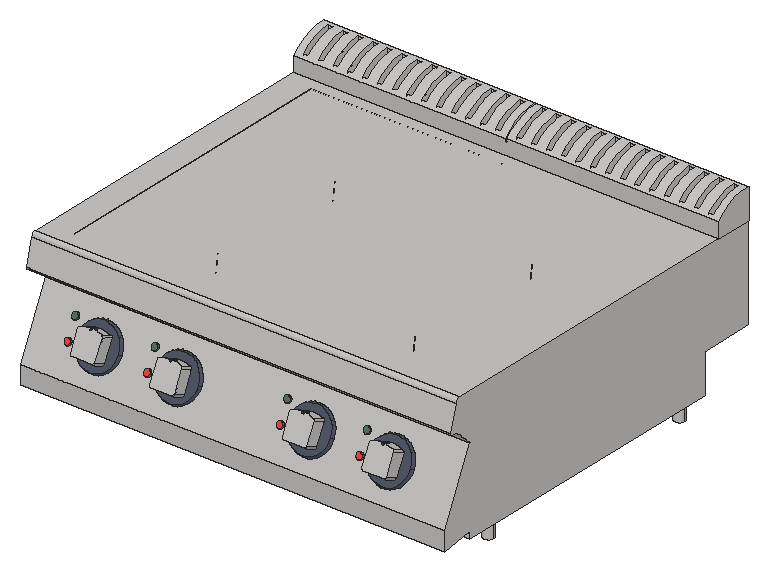
Revit family "QF_ZANUSSI_372176_Z7INEH400P", category Specialty Equipment, Revit 2018 (continued)
Automatic sketch dimensions
  plane 11 to Extrusion 3 sketch curve = 0 mm  (x2)
  plane 12 to Extrusion 3 sketch curve = 0 mm  (x2)
  plane 3 "LEFT" to Extrusion 3 sketch curve = 11.112 mm  (x2)
  Extrusion 3 sketch curve to plane 4 "RIGHT" = 11.113 mm  (x2)
  plane 9 "BASE" to Extrusion 4 sketch curve = 33.906 mm
  Extrusion 4 sketch curve to plane 4 "RIGHT" = 63.5 mm
  plane 5 "FRONT" to Extrusion 5 sketch curve = 0 mm  (x2)
  plane 1 "BACK" to Extrusion 5 sketch curve = 0 mm
  Extrusion 5 sketch curve to plane 3 "LEFT" = 0 mm
  Extrusion 5 sketch curve to plane 4 "RIGHT" = 0 mm
  Extrusion 5 sketch curve to plane 3 "LEFT" = 150.019 mm
  plane 4 "RIGHT" to Extrusion 5 sketch curve = 150.019 mm
  Extrusion 5 sketch curve to plane 1 "BACK" = 150.019 mm
  curve 132 to plane 4 "RIGHT" = 0 mm
  plane 1 "BACK" to curve 4 = 0 mm
  curve 4 to plane 3 "LEFT" = 0 mm
  curve 7 to plane 3 "LEFT" = 0 mm
  plane 5 "FRONT" to curve 6 = 0 mm
  plane 4 "RIGHT" to curve 3 = 150.019 mm
  curve 132 to plane 7 "Center Y" = 1.422 mm
  curve 2 to plane 3 "LEFT" = 150.019 mm
  curve 2 to plane 1 "BACK" = 150.019 mm
  plane 1 "BACK" to curve 132 = 69.85 mm
  curve 7 to curve 9 = 0 mm
  curve 9 to curve 7 = 166.853 mm
  curve 8 to plane 12 = 26.988 mm
  plane 5 "FRONT" to curve 1 = 1.377 mm
  plane 5 "FRONT" to curve 3 = 1.377 mm
  curve 15 to Extrusion 2 = 0 mm  (x3)
  curve 14 to Extrusion 2 = 0 mm
  curve 12 to Extrusion 2 = 11.994 mm
  curve 12 to curve 11 = 11.495 mm
  curve 11 to Extrusion 2 = 263.642 mm
  curve 10 to curve 12 = 32.256 mm
  plane 1 "BACK" to curve 130 = 0 mm
  plane 1 "BACK" to curve 131 = 0 mm
  curve 74 to plane 4 "RIGHT" = 13.453 mm
  curve 74 to curve 77 = 9.296 mm
  curve 76 to curve 82 = 18.547 mm
  curve 82 to curve 83 = 9.296 mm
  curve 84 to curve 89 = 18.547 mm
  curve 86 to curve 88 = 9.296 mm
  curve 88 to curve 93 = 18.547 mm
  curve 90 to curve 91 = 9.296 mm
  curve 92 to curve 94 = 18.547 mm
  curve 94 to curve 95 = 9.296 mm
  curve 96 to curve 101 = 18.547 mm
  curve 98 to curve 100 = 9.296 mm
  plane 1 "BACK" to curve 102 = 6.761 mm
  curve 99 to curve 102 = 18.547 mm
  curve 102 to curve 105 = 9.296 mm
  plane 1 "BACK" to curve 106 = 6.761 mm
  curve 103 to curve 106 = 18.547 mm
  curve 106 to curve 107 = 9.296 mm
  curve 108 to curve 110 = 18.547 mm
  curve 110 to curve 111 = 9.296 mm
  curve 112 to curve 114 = 18.547 mm
  curve 114 to curve 115 = 9.296 mm
  curve 116 to curve 121 = 18.547 mm
  curve 118 to curve 119 = 9.296 mm
  curve 120 to curve 122 = 18.547 mm
  curve 122 to curve 123 = 9.296 mm
  curve 124 to curve 129 = 18.547 mm
  curve 126 to curve 128 = 9.296 mm
  plane 1 "BACK" to curve 79 = 6.761 mm
  curve 127 to curve 79 = 18.547 mm
  curve 78 to curve 80 = 9.296 mm
  curve 24 to plane 7 "Center Y" = 15.301 mm
  curve 23 to curve 23 = 9.296 mm
  curve 22 to curve 72 = 18.547 mm
  curve 71 to curve 71 = 9.296 mm
  plane 1 "BACK" to curve 68 = 6.761 mm
  curve 70 to curve 68 = 18.547 mm
  curve 68 to curve 66 = 9.296 mm
  curve 66 to curve 65 = 18.547 mm
  curve 64 to curve 65 = 9.296 mm
  plane 1 "BACK" to curve 60 = 6.761 mm
  curve 62 to curve 60 = 18.547 mm
  curve 60 to curve 58 = 9.296 mm
  curve 58 to curve 57 = 18.547 mm
  curve 56 to curve 57 = 9.296 mm
  plane 1 "BACK" to curve 52 = 6.761 mm
  curve 54 to curve 52 = 18.547 mm
  curve 52 to curve 53 = 9.296 mm
  curve 50 to curve 49 = 18.547 mm
  curve 47 to curve 46 = 9.296 mm
  plane 1 "BACK" to curve 44 = 6.761 mm
  curve 46 to curve 44 = 18.547 mm
  curve 43 to curve 43 = 9.296 mm
  curve 42 to curve 41 = 18.547 mm
  curve 40 to curve 38 = 9.296 mm
  curve 38 to curve 37 = 18.547 mm
  curve 35 to curve 34 = 9.296 mm
  plane 1 "BACK" to curve 32 = 6.761 mm
  curve 34 to curve 32 = 18.547 mm
  curve 32 to curve 33 = 9.296 mm
  curve 30 to curve 28 = 18.547 mm
  curve 27 to curve 26 = 9.296 mm
  plane 1 "BACK" to curve 19 = 6.761 mm
  curve 26 to curve 19 = 18.547 mm
  curve 19 to curve 19 = 9.296 mm
  plane 1 "BACK" to curve 128 = 6.761 mm
  plane 1 "BACK" to curve 22 = 6.761 mm
  plane 1 "BACK" to curve 124 = 6.761 mm
  plane 1 "BACK" to curve 26 = 6.761 mm
  plane 1 "BACK" to curve 120 = 6.761 mm
  plane 1 "BACK" to curve 116 = 6.761 mm
  plane 1 "BACK" to curve 34 = 6.761 mm
  plane 1 "BACK" to curve 112 = 6.761 mm
  plane 1 "BACK" to curve 38 = 6.761 mm
  plane 1 "BACK" to curve 46 = 6.761 mm
  plane 1 "BACK" to curve 100 = 6.761 mm
  plane 1 "BACK" to curve 96 = 6.761 mm
  plane 1 "BACK" to curve 54 = 6.761 mm
  plane 1 "BACK" to curve 92 = 6.761 mm
  plane 1 "BACK" to curve 88 = 6.761 mm
  plane 1 "BACK" to curve 62 = 6.761 mm
  plane 1 "BACK" to curve 84 = 6.761 mm
  plane 1 "BACK" to curve 70 = 6.761 mm
  plane 1 "BACK" to curve 76 = 6.761 mm
  curve 18 to curve 18 = 57.15 mm
  curve 70 to curve 73 = 57.15 mm
  curve 75 to curve 76 = 57.15 mm
  curve 78 to curve 78 = 57.15 mm
  curve 69 to curve 70 = 0 mm
  curve 82 to curve 76 = 0 mm
  curve 65 to curve 66 = 0 mm
  curve 86 to curve 84 = 0 mm
  curve 61 to curve 62 = 0 mm
  curve 90 to curve 88 = 0 mm
  curve 57 to curve 58 = 0 mm
  curve 94 to curve 92 = 0 mm
  curve 53 to curve 54 = 0 mm
  curve 98 to curve 96 = 0 mm
  curve 49 to curve 50 = 0 mm
  curve 102 to curve 100 = 0 mm
  curve 45 to curve 46 = 0 mm
  curve 106 to curve 104 = 0 mm
  curve 41 to curve 42 = 0 mm
  curve 110 to curve 108 = 0 mm
  curve 37 to curve 38 = 0 mm
  curve 114 to curve 112 = 0 mm
  curve 33 to curve 34 = 0 mm
  curve 118 to curve 116 = 0 mm
  curve 20 to curve 29 = 0 mm
  curve 122 to curve 120 = 0 mm
  curve 72 to curve 25 = 0 mm
  curve 126 to curve 124 = 0 mm
  plane 7 "Center Y" to curve 130 = 1.637 mm
  curve 131 to plane 7 "Center Y" = 1.537 mm
  curve 24 to curve 131 = 5.939 mm
  curve 131 to curve 130 = 0 mm
  Extrusion 6 sketch curve to plane 10 "TOP A" = 0 mm
  Extrusion 6 sketch curve to plane 1 "BACK" = 0 mm
  Extrusion 6 sketch curve to plane 6 "TOP" = 0 mm
  plane 1 "BACK" to Extrusion 6 sketch curve = 1.769 mm
  plane 10 "TOP A" to Extrusion 6 sketch curve = 28.4 mm
  plane 1 "BACK" to Extrusion 6 sketch curve = 69.85 mm
  Blend 26 sketch curve to plane 4 "RIGHT" = 125 mm  (x2)
  Extrusion 27 sketch curve to plane 4 "RIGHT" = 148 mm
  Extrusion 27 sketch curve to Extrusion 27 sketch curve = 2.997 mm  (x3)
  Extrusion 27 sketch curve to Extrusion 27 sketch curve = 20.003 mm  (x2)
  Extrusion 27 sketch curve to Extrusion 27 sketch curve = 40.005 mm
  Extrusion 27 sketch curve to Extrusion 27 sketch curve = 5.399 mm
  Extrusion 27 sketch curve to Extrusion 27 sketch curve = 40.037 mm
  Extrusion 27 sketch curve to Extrusion 27 sketch curve = 0 mm  (x2)
  Extrusion 28 sketch curve to plane 4 "RIGHT" = 142.5 mm
  Extrusion 28 sketch curve to Extrusion 28 sketch curve = 35 mm  (x2)
  Split face 54 sketch curve to Split face 54 sketch curve = 6 mm
  Split face 54 sketch curve to Split face 54 sketch curve = 10 mm
  Split face 55 sketch curve to Split face 55 sketch curve = 5 mm
  Split face 55 sketch curve to Split face 55 sketch curve = 9 mm
  Split face 56 sketch curve to Split face 56 sketch curve = 5 mm
  Split face 57 sketch curve to Split face 57 sketch curve = 5 mm
  Extrusion 31 sketch curve to plane 4 "RIGHT" = 180.001 mm
  Extrusion 32 sketch curve to plane 4 "RIGHT" = 180.001 mm
  plane 5 "FRONT" to curve 5 = 0 mm
  radius of Blend 9 sketch curve = 42.5 mm
  radius of Blend 9 sketch curve = 40.5 mm
  radius of Extrusion 12 sketch curve = 6 mm
  radius of Split face 5 sketch curve = 2.029 mm
  radius of Split face 6 sketch curve = 1.5 mm
  radius of Split face 7 sketch curve = 1.5 mm
  radius of Split face 8 sketch curve = 1.5 mm
  radius of Split face 9 sketch curve = 1.5 mm
  radius of Split face 10 sketch curve = 1.5 mm
  radius of Split face 11 sketch curve = 1.5 mm
  radius of Split face 12 sketch curve = 1.5 mm
  radius of Split face 13 sketch curve = 1.5 mm
  radius of Split face 14 sketch curve = 1.5 mm
  radius of Blend 14 sketch curve = 42.5 mm
  radius of Blend 14 sketch curve = 40.5 mm
  radius of Split face 15 sketch curve = 1.5 mm
  radius of Split face 16 sketch curve = 1.5 mm
  radius of Split face 17 sketch curve = 1.5 mm
  radius of Split face 18 sketch curve = 1.5 mm
  radius of Split face 19 sketch curve = 1.5 mm
  radius of Split face 20 sketch curve = 1.5 mm
  radius of Split face 21 sketch curve = 1.5 mm
  radius of Split face 22 sketch curve = 1.5 mm
  radius of Split face 23 sketch curve = 1.5 mm
  radius of Split face 28 sketch curve = 2.031 mm
  radius of Split face 29 sketch curve = 1.5 mm
  radius of Split face 30 sketch curve = 1.5 mm
  radius of Extrusion 18 sketch curve = 6 mm
  radius of Extrusion 19 sketch curve = 6 mm
  radius of Extrusion 20 sketch curve = 6 mm
  radius of Blend 21 sketch curve = 42.5 mm
  radius of Blend 21 sketch curve = 40.5 mm
  radius of Extrusion 24 sketch curve = 6 mm
  radius of Split face 35 sketch curve = 2.029 mm
  radius of Split face 36 sketch curve = 1.5 mm
  radius of Split face 37 sketch curve = 1.5 mm
  radius of Split face 38 sketch curve = 1.5 mm
  radius of Split face 39 sketch curve = 1.5 mm
  radius of Split face 40 sketch curve = 1.5 mm
  radius of Split face 41 sketch curve = 1.5 mm
  radius of Split face 42 sketch curve = 1.5 mm
  radius of Split face 43 sketch curve = 1.5 mm
  radius of Split face 44 sketch curve = 1.5 mm
  radius of Split face 59 sketch curve = 1.5 mm
  radius of Extrusion 30 sketch curve = 6 mm
  radius of Extrusion 3 sketch curve = 9.525 mm  (x4)
  radius of Extrusion 4 sketch curve = 12.7 mm
  radius of Blend 26 sketch curve = 42.5 mm
  radius of Blend 26 sketch curve = 40.5 mm
  radius of Split face 45 sketch curve = 1.5 mm
  radius of Split face 46 sketch curve = 1.5 mm
  radius of Split face 47 sketch curve = 1.5 mm
  radius of Split face 48 sketch curve = 1.5 mm
  radius of Split face 49 sketch curve = 1.5 mm
  radius of Split face 50 sketch curve = 1.5 mm
  radius of Split face 51 sketch curve = 1.5 mm
  radius of Split face 52 sketch curve = 1.5 mm
  radius of Split face 53 sketch curve = 1.5 mm
  radius of Split face 58 sketch curve = 2.031 mm
  radius of Split face 60 sketch curve = 1.5 mm
  radius of Extrusion 31 sketch curve = 6 mm
  radius of Extrusion 32 sketch curve = 6 mm
Nested families
  nested 1: "QF_372176_INDUCTION BURNER" at (77.726, -103.911, 266.887), type "QF_372176_INDUCTION BURNER"
    with Type Mark "", Status "", Specification by User "", Revision Code "", Item Number "", Installed By "", Identify Quantity as Lot yes, Furnished By "", Foodservice Equipment Identifier yes
  nested 2: "QF_372176_INDUCTION BURNER" at (77.726, -379.622, 266.887), type "QF_372176_INDUCTION BURNER"
    with Type Mark "", Status "", Specification by User "", Revision Code "", Item Number "", Installed By "", Identify Quantity as Lot yes, Furnished By "", Foodservice Equipment Identifier yes
  nested 3: "QF_372176_INDUCTION BURNER" at (450.576, -103.911, 266.887), type "QF_372176_INDUCTION BURNER"
    with Type Mark "", Status "", Specification by User "", Revision Code "", Item Number "", Installed By "", Identify Quantity as Lot yes, Furnished By "", Foodservice Equipment Identifier yes
  nested 4: "QF_372176_INDUCTION BURNER" at (450.576, -379.622, 266.887), type "QF_372176_INDUCTION BURNER"
    with Type Mark "", Status "", Specification by User "", Revision Code "", Item Number "", Installed By "", Identify Quantity as Lot yes, Furnished By "", Foodservice Equipment Identifier yes
Connectors
  electrical at (736.5, -88.9, 57.906), driven by "Volts", driven by "Watts"
    settings: on Extrusion 4, index 1, voltage 400 V, apparent load 20000 VA, apparent load phase1 0 VA, apparent load phase2 0 VA, apparent load phase3 0 VA, power factor 1, load classification "Other", number of poles 1, system type 30, power factor state 1, is connector primary yes, connector utility no, sub classification motor no, connector description "Electrical Connection"
Definition of nested family "QF_372176_INDUCTION BURNER"
  Parameters
    Weight in Pounds = 0
    URL Cutsheet = ""
    Type Mark [instance] = ""
    Status [instance] = ""
    Specification by User [instance] = ""
    Specification by Manufacturer = ""
    Serial Number = ""
    Seismic Rating = ""
    SMACNA No = ""
    Revision Code [instance] = ""
    Omniclass Number and Title = ""
    NAFEM Spec ID Number = ""
    Masterspec = ""
    Item Number [instance] = ""
    Installed By [instance] = ""
    Identify Quantity as Lot [instance] = yes
    Furnished By [instance] = ""
    Foodservice Equipment Identifier [instance] = yes
    CSI MasterFormat = ""
    CSI Master Format = ""
    Assembly Code = ""
  Reference planes
    plane 1 "BACK": y = 0
    plane 2: z = 0
    plane 3 "LEFT": x = 0
    plane 4 "RIGHT": x = 263
    plane 5 "FRONT": y = -263
    plane 6 "TOP": z = 0.794
    plane 7 "Center Y": x = 131.5
    plane 8 "Center X": y = -131.5
  Forms (mm)
    Extrusion 1, solid
      sketch origin (0, 0, 0) x (1, 0, 0) y (0, 1, 0)
        loop
          line (134, -73.314) -> (134, 0) -> (129, 0) -> (129, -73.314) -> (134, -73.314)
        loop
          line (119.451, -74.521) -> (101.219, -3.51) -> (96.376, -4.753) -> (114.608, -75.764) -> (119.451, -74.521)
        loop
          line (105.66, -79.307) -> (70.34, -15.061) -> (65.959, -17.47) -> (101.278, -81.716) -> (105.66, -79.307)
        loop
          line (93.492, -87.373) -> (43.304, -33.929) -> (39.66, -37.352) -> (89.847, -90.796) -> (93.492, -87.373)
        loop
          line (83.712, -98.212) -> (21.81, -58.928) -> (19.131, -63.15) -> (81.033, -102.433) -> (83.712, -98.212)
        loop
          line (5.664, -93.242) -> (75.39, -115.897) -> (76.935, -111.142) -> (7.209, -88.487) -> (5.664, -93.242)
        loop
          line (73.586, -125.351) -> (0.416, -120.748) -> (0.103, -125.738) -> (73.272, -130.342) -> (73.586, -125.351)
        loop
          line (73.876, -139.947) -> (1.861, -153.685) -> (2.798, -158.596) -> (74.813, -144.859) -> (73.876, -139.947)
        loop
          line (77.788, -154.012) -> (11.451, -185.228) -> (13.58, -189.752) -> (79.916, -158.536) -> (77.788, -154.012)
        loop
          line (85.074, -166.663) -> (28.584, -213.395) -> (31.771, -217.248) -> (88.261, -170.515) -> (85.074, -166.663)
        loop
          line (95.277, -177.104) -> (52.184, -236.416) -> (56.229, -239.355) -> (99.322, -180.043) -> (95.277, -177.104)
        loop
          line (107.756, -184.679) -> (80.767, -252.845) -> (85.416, -254.686) -> (112.405, -186.52) -> (107.756, -184.679)
        loop
          line (121.727, -188.914) -> (112.538, -261.65) -> (117.499, -262.276) -> (126.688, -189.54) -> (121.727, -188.914)
        loop
          line (143.549, -74.521) -> (148.392, -75.764) -> (166.624, -4.753) -> (161.781, -3.51) -> (143.549, -74.521)
        loop
          line (157.34, -79.307) -> (161.722, -81.716) -> (197.041, -17.47) -> (192.66, -15.061) -> (157.34, -79.307)
        loop
          line (169.508, -87.373) -> (173.153, -90.796) -> (223.34, -37.352) -> (219.696, -33.929) -> (169.508, -87.373)
        loop
          line (179.288, -98.212) -> (181.967, -102.433) -> (243.869, -63.15) -> (241.19, -58.928) -> (179.288, -98.212)
        loop
          line (257.336, -93.242) -> (255.791, -88.487) -> (186.065, -111.142) -> (187.61, -115.897) -> (257.336, -93.242)
        loop
          line (189.414, -125.351) -> (189.728, -130.342) -> (262.897, -125.738) -> (262.584, -120.748) -> (189.414, -125.351)
        loop
          line (189.124, -139.947) -> (188.187, -144.859) -> (260.202, -158.596) -> (261.139, -153.685) -> (189.124, -139.947)
        loop
          line (185.212, -154.012) -> (183.084, -158.536) -> (249.42, -189.752) -> (251.549, -185.228) -> (185.212, -154.012)
        loop
          line (177.926, -166.663) -> (174.739, -170.515) -> (231.229, -217.248) -> (234.416, -213.395) -> (177.926, -166.663)
        loop
          line (167.723, -177.104) -> (163.678, -180.043) -> (206.771, -239.355) -> (210.816, -236.416) -> (167.723, -177.104)
        loop
          line (155.244, -184.679) -> (150.595, -186.52) -> (177.584, -254.686) -> (182.233, -252.845) -> (155.244, -184.679)
        loop
          line (141.273, -188.914) -> (136.312, -189.54) -> (145.501, -262.276) -> (150.462, -261.65) -> (141.273, -188.914)
      from 0 to 0.8
  Lines and regions (mm)
    symbolic lines
      curve 1: line (134, -73.314, 0) -> (134, 0, 0)
      curve 2: line (134, 0, 0) -> (129, 0, 0)
      curve 3: line (129, 0, 0) -> (129, -73.314, 0)
      curve 4: line (129, -73.314, 0) -> (134, -73.314, 0)
      curve 5: line (148.392, -75.764, 0) -> (166.624, -4.753, 0)
      curve 6: line (166.624, -4.753, 0) -> (161.781, -3.51, 0)
      curve 7: line (161.781, -3.51, 0) -> (143.549, -74.521, 0)
      curve 8: line (143.549, -74.521, 0) -> (148.392, -75.764, 0)
      curve 9: line (119.451, -74.521, 0) -> (101.219, -3.51, 0)
      curve 10: line (101.219, -3.51, 0) -> (96.376, -4.753, 0)
      curve 11: line (96.376, -4.753, 0) -> (114.608, -75.764, 0)
      curve 12: line (114.608, -75.764, 0) -> (119.451, -74.521, 0)
      curve 13: line (105.66, -79.307, 0) -> (70.34, -15.061, 0)
      curve 14: line (70.34, -15.061, 0) -> (65.959, -17.47, 0)
      curve 15: line (65.959, -17.47, 0) -> (101.278, -81.716, 0)
      curve 16: line (101.278, -81.716, 0) -> (105.66, -79.307, 0)
      curve 17: line (93.492, -87.373, 0) -> (43.304, -33.929, 0)
      curve 18: line (43.304, -33.929, 0) -> (39.66, -37.352, 0)
      curve 19: line (39.66, -37.352, 0) -> (89.847, -90.796, 0)
      curve 20: line (89.847, -90.796, 0) -> (93.492, -87.373, 0)
      curve 21: line (83.712, -98.212, 0) -> (21.81, -58.928, 0)
      curve 22: line (21.81, -58.928, 0) -> (19.131, -63.15, 0)
      curve 23: line (19.131, -63.15, 0) -> (81.033, -102.433, 0)
      curve 24: line (81.033, -102.433, 0) -> (83.712, -98.212, 0)
      curve 25: line (76.935, -111.142, 0) -> (7.209, -88.487, 0)
      curve 26: line (7.209, -88.487, 0) -> (5.664, -93.242, 0)
      curve 27: line (5.664, -93.242, 0) -> (75.39, -115.897, 0)
      curve 28: line (75.39, -115.897, 0) -> (76.935, -111.142, 0)
      curve 29: line (73.586, -125.351, 0) -> (0.416, -120.748, 0)
      curve 30: line (0.416, -120.748, 0) -> (0.103, -125.738, 0)
      curve 31: line (0.103, -125.738, 0) -> (73.272, -130.342, 0)
      curve 32: line (73.272, -130.342, 0) -> (73.586, -125.351, 0)
      curve 33: line (73.876, -139.947, 0) -> (1.861, -153.685, 0)
      curve 34: line (1.861, -153.685, 0) -> (2.798, -158.596, 0)
      curve 35: line (2.798, -158.596, 0) -> (74.813, -144.859, 0)
      curve 36: line (74.813, -144.859, 0) -> (73.876, -139.947, 0)
      curve 37: line (77.788, -154.012, 0) -> (11.451, -185.228, 0)
      curve 38: line (11.451, -185.228, 0) -> (13.58, -189.752, 0)
      curve 39: line (13.58, -189.752, 0) -> (79.916, -158.536, 0)
      curve 40: line (79.916, -158.536, 0) -> (77.788, -154.012, 0)
      curve 41: line (85.074, -166.663, 0) -> (28.584, -213.395, 0)
      curve 42: line (28.584, -213.395, 0) -> (31.771, -217.248, 0)
      curve 43: line (31.771, -217.248, 0) -> (88.261, -170.515, 0)
      curve 44: line (88.261, -170.515, 0) -> (85.074, -166.663, 0)
      curve 45: line (95.277, -177.104, 0) -> (52.184, -236.416, 0)
      curve 46: line (52.184, -236.416, 0) -> (56.229, -239.355, 0)
      curve 47: line (56.229, -239.355, 0) -> (99.322, -180.043, 0)
      curve 48: line (99.322, -180.043, 0) -> (95.277, -177.104, 0)
      curve 49: line (107.756, -184.679, 0) -> (80.767, -252.845, 0)
      curve 50: line (80.767, -252.845, 0) -> (85.416, -254.686, 0)
      curve 51: line (85.416, -254.686, 0) -> (112.405, -186.52, 0)
      curve 52: line (112.405, -186.52, 0) -> (107.756, -184.679, 0)
      curve 53: line (121.727, -188.914, 0) -> (112.538, -261.65, 0)
      curve 54: line (112.538, -261.65, 0) -> (117.499, -262.276, 0)
      curve 55: line (117.499, -262.276, 0) -> (126.688, -189.54, 0)
      curve 56: line (126.688, -189.54, 0) -> (121.727, -188.914, 0)
      curve 57: line (136.312, -189.54, 0) -> (145.501, -262.276, 0)
      curve 58: line (145.501, -262.276, 0) -> (150.462, -261.65, 0)
      curve 59: line (150.462, -261.65, 0) -> (141.273, -188.914, 0)
      curve 60: line (141.273, -188.914, 0) -> (136.312, -189.54, 0)
      curve 61: line (150.595, -186.52, 0) -> (177.584, -254.686, 0)
      curve 62: line (177.584, -254.686, 0) -> (182.233, -252.845, 0)
      curve 63: line (182.233, -252.845, 0) -> (155.244, -184.679, 0)
      curve 64: line (155.244, -184.679, 0) -> (150.595, -186.52, 0)
      curve 65: line (163.678, -180.043, 0) -> (206.771, -239.355, 0)
      curve 66: line (206.771, -239.355, 0) -> (210.816, -236.416, 0)
      curve 67: line (210.816, -236.416, 0) -> (167.723, -177.104, 0)
      curve 68: line (167.723, -177.104, 0) -> (163.678, -180.043, 0)
      curve 69: line (174.739, -170.515, 0) -> (231.229, -217.248, 0)
      curve 70: line (231.229, -217.248, 0) -> (234.416, -213.395, 0)
      curve 71: line (234.416, -213.395, 0) -> (177.926, -166.663, 0)
      curve 72: line (177.926, -166.663, 0) -> (174.739, -170.515, 0)
      curve 73: line (183.084, -158.536, 0) -> (249.42, -189.752, 0)
      curve 74: line (249.42, -189.752, 0) -> (251.549, -185.228, 0)
      curve 75: line (251.549, -185.228, 0) -> (185.212, -154.012, 0)
      curve 76: line (185.212, -154.012, 0) -> (183.084, -158.536, 0)
      curve 77: line (188.187, -144.859, 0) -> (260.202, -158.596, 0)
      curve 78: line (260.202, -158.596, 0) -> (261.139, -153.685, 0)
      curve 79: line (261.139, -153.685, 0) -> (189.124, -139.947, 0)
      curve 80: line (189.124, -139.947, 0) -> (188.187, -144.859, 0)
      curve 81: line (189.728, -130.342, 0) -> (262.897, -125.738, 0)
      curve 82: line (262.897, -125.738, 0) -> (262.584, -120.748, 0)
      curve 83: line (262.584, -120.748, 0) -> (189.414, -125.351, 0)
      curve 84: line (189.414, -125.351, 0) -> (189.728, -130.342, 0)
      curve 85: line (187.61, -115.897, 0) -> (257.336, -93.242, 0)
      curve 86: line (257.336, -93.242, 0) -> (255.791, -88.487, 0)
      curve 87: line (255.791, -88.487, 0) -> (186.065, -111.142, 0)
      curve 88: line (186.065, -111.142, 0) -> (187.61, -115.897, 0)
      curve 89: line (181.967, -102.433, 0) -> (243.869, -63.15, 0)
      curve 90: line (243.869, -63.15, 0) -> (241.19, -58.928, 0)
      curve 91: line (241.19, -58.928, 0) -> (179.288, -98.212, 0)
      curve 92: line (179.288, -98.212, 0) -> (181.967, -102.433, 0)
      curve 93: line (173.153, -90.796, 0) -> (223.34, -37.352, 0)
      curve 94: line (223.34, -37.352, 0) -> (219.696, -33.929, 0)
      curve 95: line (219.696, -33.929, 0) -> (169.508, -87.373, 0)
      curve 96: line (169.508, -87.373, 0) -> (173.153, -90.796, 0)
      curve 97: line (161.722, -81.716, 0) -> (197.041, -17.47, 0)
      curve 98: line (197.041, -17.47, 0) -> (192.66, -15.061, 0)
      curve 99: line (192.66, -15.061, 0) -> (157.34, -79.307, 0)
      curve 100: line (157.34, -79.307, 0) -> (161.722, -81.716, 0)
  Dimensions and locks
    equal spacing: plane 3 "LEFT", plane 7 "Center Y", plane 4 "RIGHT"
    plane 3 "LEFT" to plane 4 "RIGHT" = 263 mm
    equal spacing: plane 5 "FRONT", plane 8 "Center X", plane 1 "BACK"
    plane 5 "FRONT" to plane 1 "BACK" = 263 mm
    plane 6 "TOP" to level = 0.794 mm
    aligned and locked: level to plane 2
  Automatic sketch dimensions
    plane 1 "BACK" to curve 1 = 0 mm
    plane 3 "LEFT" to curve 31 = 0.103 mm
    plane 3 "LEFT" to curve 33 = 1.861 mm
    plane 3 "LEFT" to curve 26 = 5.664 mm
    plane 3 "LEFT" to curve 38 = 11.451 mm
    curve 37 to curve 39 = 2.129 mm
    plane 3 "LEFT" to curve 22 = 19.131 mm
    curve 38 to curve 42 = 15.004 mm
    curve 21 to curve 18 = 17.849 mm
    plane 1 "BACK" to curve 14 = 15.061 mm
    curve 14 to curve 14 = 4.382 mm
    plane 8 "Center X" to curve 32 = 1.158 mm
    curve 32 to curve 29 = 0.314 mm
    curve 31 to curve 36 = 0.604 mm
    curve 33 to plane 8 "Center X" = 8.447 mm
    curve 33 to curve 35 = 0.937 mm
    curve 29 to curve 28 = 1.803 mm
    plane 8 "Center X" to curve 27 = 15.603 mm
    curve 27 to curve 25 = 1.545 mm
    curve 36 to curve 40 = 2.974 mm
    curve 37 to plane 8 "Center X" = 22.512 mm
    curve 25 to curve 23 = 4.098 mm
    curve 23 to curve 21 = 2.679 mm
    curve 39 to curve 41 = 5.157 mm
    curve 49 to curve 51 = 4.649 mm
    curve 50 to plane 5 "FRONT" = 8.314 mm
    curve 41 to curve 44 = 3.187 mm
    curve 21 to curve 19 = 6.135 mm
    curve 19 to curve 17 = 3.645 mm
    curve 43 to curve 45 = 7.016 mm
    curve 45 to curve 47 = 4.045 mm
    curve 10 to curve 9 = 4.843 mm
    plane 1 "BACK" to curve 10 = 3.51 mm
    curve 17 to curve 16 = 7.786 mm
    curve 47 to curve 49 = 8.434 mm
    curve 13 to curve 11 = 8.949 mm
    curve 54 to plane 5 "FRONT" = 0.724 mm
    curve 53 to curve 54 = 4.961 mm
    curve 56 to plane 7 "Center Y" = 4.812 mm
    curve 2 to plane 7 "Center Y" = 2.5 mm
    plane 7 "Center Y" to curve 1 = 2.5 mm
    plane 7 "Center Y" to curve 57 = 4.812 mm
    plane 7 "Center Y" to curve 58 = 14.001 mm
    curve 57 to plane 5 "FRONT" = 0.724 mm
    curve 58 to curve 58 = 4.961 mm
    curve 59 to curve 64 = 9.322 mm
    curve 61 to curve 64 = 4.649 mm
    curve 5 to curve 100 = 8.949 mm
    plane 1 "BACK" to curve 6 = 3.51 mm
    curve 63 to curve 65 = 8.434 mm
    curve 6 to curve 6 = 4.843 mm
    curve 65 to curve 67 = 4.045 mm
    curve 97 to curve 96 = 7.786 mm
    curve 95 to curve 96 = 3.645 mm
    curve 67 to curve 72 = 7.016 mm
    curve 62 to plane 5 "FRONT" = 8.314 mm
    curve 69 to curve 71 = 3.187 mm
    curve 93 to curve 92 = 6.135 mm
    curve 71 to curve 76 = 5.157 mm
    curve 73 to curve 76 = 2.129 mm
    curve 75 to plane 8 "Center X" = 22.512 mm
    curve 89 to curve 88 = 4.098 mm
    plane 8 "Center X" to curve 88 = 15.603 mm
    curve 75 to curve 77 = 2.974 mm
    curve 79 to plane 8 "Center X" = 8.447 mm
    curve 77 to curve 79 = 0.937 mm
    curve 85 to curve 84 = 1.803 mm
    plane 8 "Center X" to curve 84 = 1.158 mm
    curve 83 to curve 84 = 0.314 mm
    plane 1 "BACK" to curve 98 = 15.061 mm
    curve 98 to curve 98 = 4.382 mm
    curve 66 to curve 70 = 20.413 mm
    curve 91 to plane 4 "RIGHT" = 21.81 mm
    curve 90 to curve 90 = 2.679 mm
    curve 74 to plane 4 "RIGHT" = 13.58 mm
    curve 86 to plane 4 "RIGHT" = 7.209 mm
    curve 86 to curve 86 = 1.545 mm
    curve 79 to plane 4 "RIGHT" = 1.861 mm
    curve 82 to plane 4 "RIGHT" = 0.103 mm
    curve 46 to curve 46 = 2.939 mm
    curve 45 to curve 42 = 19.169 mm
    curve 66 to curve 70 = 19.169 mm
    curve 69 to curve 71 = 3.853 mm
    curve 56 to curve 60 = 0 mm
    curve 55 to curve 53 = 0.627 mm
    curve 57 to curve 59 = 0.627 mm
    curve 53 to curve 52 = 2.394 mm
    curve 59 to curve 61 = 2.394 mm
    curve 73 to curve 75 = 4.524 mm
    curve 51 to curve 49 = 1.841 mm
    curve 61 to curve 63 = 1.841 mm
    curve 49 to curve 48 = 4.637 mm
    curve 63 to curve 65 = 4.637 mm
    curve 65 to curve 67 = 2.939 mm
    curve 67 to curve 72 = 6.589 mm
    curve 45 to curve 44 = 6.589 mm
    curve 43 to curve 44 = 3.853 mm
    curve 39 to curve 37 = 4.524 mm
    curve 77 to curve 78 = 4.911 mm
    curve 34 to curve 33 = 4.911 mm
    plane 8 "Center X" to curve 31 = 5.762 mm
    plane 8 "Center X" to curve 81 = 5.762 mm
    curve 30 to curve 30 = 4.99 mm
    curve 81 to curve 83 = 4.99 mm
    curve 87 to curve 89 = 8.709 mm
    curve 25 to curve 23 = 8.709 mm
    curve 23 to curve 21 = 4.222 mm
    curve 91 to curve 96 = 7.416 mm
    curve 21 to curve 20 = 7.416 mm
    curve 26 to curve 26 = 4.755 mm
    curve 86 to curve 86 = 4.755 mm
    curve 19 to curve 20 = 3.423 mm
    curve 93 to curve 95 = 3.423 mm
    curve 17 to curve 16 = 5.657 mm
    curve 95 to curve 97 = 5.657 mm
    curve 16 to curve 13 = 2.409 mm
    curve 97 to curve 100 = 2.409 mm
    curve 99 to curve 8 = 3.543 mm
    curve 13 to curve 11 = 3.543 mm
    curve 5 to curve 8 = 1.243 mm
    curve 11 to curve 12 = 1.243 mm
    curve 9 to curve 3 = 1.206 mm
    curve 90 to curve 91 = 4.222 mm
    curve 91 to curve 94 = 21.576 mm
    plane 1 "BACK" to Extrusion 1 sketch curve = 0 mm
    plane 3 "LEFT" to Extrusion 1 sketch curve = 0.103 mm
    plane 3 "LEFT" to Extrusion 1 sketch curve = 0.416 mm
    plane 3 "LEFT" to Extrusion 1 sketch curve = 1.861 mm
    plane 3 "LEFT" to Extrusion 1 sketch curve = 2.798 mm
    plane 3 "LEFT" to Extrusion 1 sketch curve = 5.664 mm
    Extrusion 1 sketch curve to Extrusion 1 sketch curve = 1.545 mm  (x2)
    plane 3 "LEFT" to Extrusion 1 sketch curve = 11.451 mm
    Extrusion 1 sketch curve to Extrusion 1 sketch curve = 2.129 mm  (x2)
    plane 3 "LEFT" to Extrusion 1 sketch curve = 19.131 mm
    Extrusion 1 sketch curve to Extrusion 1 sketch curve = 2.679 mm  (x2)
    Extrusion 1 sketch curve to Extrusion 1 sketch curve = 15.004 mm
    Extrusion 1 sketch curve to Extrusion 1 sketch curve = 3.187 mm  (x2)
    Extrusion 1 sketch curve to Extrusion 1 sketch curve = 17.849 mm
    plane 1 "BACK" to Extrusion 1 sketch curve = 33.929 mm
    Extrusion 1 sketch curve to Extrusion 1 sketch curve = 3.645 mm  (x2)
    Extrusion 1 sketch curve to Extrusion 1 sketch curve = 20.413 mm  (x2)
    Extrusion 1 sketch curve to plane 5 "FRONT" = 23.645 mm  (x2)
    Extrusion 1 sketch curve to Extrusion 1 sketch curve = 4.045 mm  (x2)
    Extrusion 1 sketch curve to Extrusion 1 sketch curve = 22.654 mm  (x2)
    plane 1 "BACK" to Extrusion 1 sketch curve = 15.061 mm  (x2)
    Extrusion 1 sketch curve to Extrusion 1 sketch curve = 4.382 mm  (x2)
    plane 8 "Center X" to Extrusion 1 sketch curve = 1.158 mm  (x2)
    Extrusion 1 sketch curve to plane 7 "Center Y" = 58.228 mm
    Extrusion 1 sketch curve to plane 8 "Center X" = 8.447 mm  (x2)
    Extrusion 1 sketch curve to Extrusion 1 sketch curve = 0.604 mm
    plane 8 "Center X" to Extrusion 1 sketch curve = 15.603 mm  (x2)
    Extrusion 1 sketch curve to Extrusion 1 sketch curve = 1.803 mm  (x2)
    Extrusion 1 sketch curve to plane 8 "Center X" = 22.512 mm  (x2)
    Extrusion 1 sketch curve to Extrusion 1 sketch curve = 2.974 mm  (x2)
    Extrusion 1 sketch curve to plane 5 "FRONT" = 10.155 mm
    Extrusion 1 sketch curve to Extrusion 1 sketch curve = 24.538 mm  (x2)
    Extrusion 1 sketch curve to Extrusion 1 sketch curve = 4.098 mm  (x2)
    Extrusion 1 sketch curve to Extrusion 1 sketch curve = 5.157 mm  (x2)
    Extrusion 1 sketch curve to plane 5 "FRONT" = 8.314 mm  (x2)
    Extrusion 1 sketch curve to Extrusion 1 sketch curve = 4.649 mm  (x2)
    Extrusion 1 sketch curve to Extrusion 1 sketch curve = 6.135 mm  (x2)
    Extrusion 1 sketch curve to Extrusion 1 sketch curve = 7.016 mm  (x2)
    plane 1 "BACK" to Extrusion 1 sketch curve = 4.753 mm
    Extrusion 1 sketch curve to Extrusion 1 sketch curve = 26.036 mm  (x2)
    plane 1 "BACK" to Extrusion 1 sketch curve = 3.51 mm  (x2)
    Extrusion 1 sketch curve to Extrusion 1 sketch curve = 4.843 mm  (x2)
    Extrusion 1 sketch curve to Extrusion 1 sketch curve = 7.786 mm  (x2)
    Extrusion 1 sketch curve to Extrusion 1 sketch curve = 8.434 mm  (x2)
    Extrusion 1 sketch curve to plane 5 "FRONT" = 1.35 mm
    Extrusion 1 sketch curve to plane 7 "Center Y" = 18.962 mm
    Extrusion 1 sketch curve to Extrusion 1 sketch curve = 8.949 mm  (x2)
    Extrusion 1 sketch curve to plane 5 "FRONT" = 0.724 mm  (x2)
    Extrusion 1 sketch curve to Extrusion 1 sketch curve = 4.961 mm  (x2)
    Extrusion 1 sketch curve to Extrusion 1 sketch curve = 9.322 mm  (x2)
    Extrusion 1 sketch curve to plane 7 "Center Y" = 2.5 mm
    plane 7 "Center Y" to Extrusion 1 sketch curve = 2.5 mm
    plane 7 "Center Y" to Extrusion 1 sketch curve = 4.812 mm
    Extrusion 1 sketch curve to Extrusion 1 sketch curve = 9.549 mm
    plane 7 "Center Y" to Extrusion 1 sketch curve = 14.001 mm
    Extrusion 1 sketch curve to Extrusion 1 sketch curve = 27.781 mm
    Extrusion 1 sketch curve to Extrusion 1 sketch curve = 27.122 mm
    plane 8 "Center X" to Extrusion 1 sketch curve = 29.067 mm
    plane 8 "Center X" to Extrusion 1 sketch curve = 20.358 mm
    Extrusion 1 sketch curve to plane 8 "Center X" = 13.359 mm
    Extrusion 1 sketch curve to Extrusion 1 sketch curve = 0.937 mm
    plane 8 "Center X" to Extrusion 1 sketch curve = 6.149 mm
    Extrusion 1 sketch curve to Extrusion 1 sketch curve = 0.314 mm
    Extrusion 1 sketch curve to plane 4 "RIGHT" = 21.81 mm
    Extrusion 1 sketch curve to plane 4 "RIGHT" = 13.58 mm
    Extrusion 1 sketch curve to plane 4 "RIGHT" = 7.209 mm
    Extrusion 1 sketch curve to plane 4 "RIGHT" = 2.798 mm
    Extrusion 1 sketch curve to plane 4 "RIGHT" = 0.416 mm
    Extrusion 1 sketch curve to Extrusion 1 sketch curve = 0.627 mm
    Extrusion 1 sketch curve to Extrusion 1 sketch curve = 1.841 mm
    Extrusion 1 sketch curve to Extrusion 1 sketch curve = 2.939 mm  (x2)
    Extrusion 1 sketch curve to Extrusion 1 sketch curve = 19.169 mm  (x2)
    Extrusion 1 sketch curve to Extrusion 1 sketch curve = 3.853 mm  (x2)
    Extrusion 1 sketch curve to Extrusion 1 sketch curve = 23.643 mm  (x2)
    Extrusion 1 sketch curve to plane 8 "Center X" = 27.096 mm
    plane 8 "Center X" to Extrusion 1 sketch curve = 5.762 mm
    Extrusion 1 sketch curve to Extrusion 1 sketch curve = 4.755 mm
    Extrusion 1 sketch curve to Extrusion 1 sketch curve = 8.709 mm
    Extrusion 1 sketch curve to Extrusion 1 sketch curve = 4.222 mm  (x2)
    Extrusion 1 sketch curve to Extrusion 1 sketch curve = 7.416 mm  (x2)
    Extrusion 1 sketch curve to Extrusion 1 sketch curve = 3.423 mm
    Extrusion 1 sketch curve to Extrusion 1 sketch curve = 5.657 mm  (x2)
    Extrusion 1 sketch curve to Extrusion 1 sketch curve = 3.543 mm
    Extrusion 1 sketch curve to Extrusion 1 sketch curve = 1.206 mm
